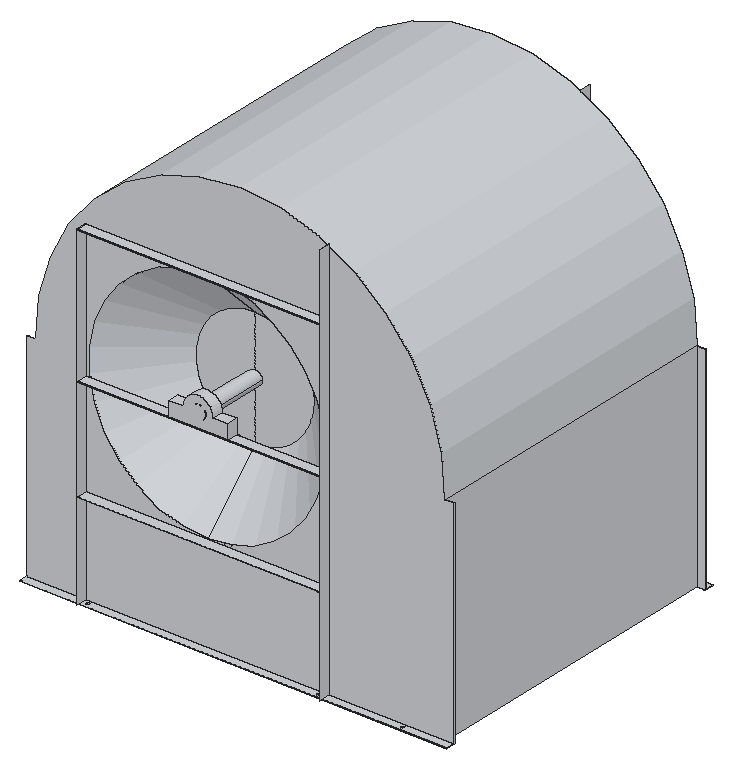
Revit family "CA_DWDI_CCW_DBD", category Mechanical Equipment, Revit 2019
Family settings
  Round Connector Dimension = Use Radius
  Part Type = Normal
  Work Plane-Based = No
  Always vertical = Yes
  Cut with Voids When Loaded = No
  Shared = No
  Room Calculation Point = No
Parameters (values of type "730 _CA-DWDI_CCW_DBD_CLASS_3")
  X/2 = X / 2  # 4' - 9 9/16"
  X = 9' - 7 1/8"
  W/2 = W / 2  # 0' - 0 17/32"
  W = 0' - 1 1/16"
  V = 2' - 4"
  Unit Weight [instance] = ""
  U = 3' - 2 1/2"
  T = 4' - 6 1/8"
  Sones [instance] = ""
  S = 9' - 0 1/4"
  R/2 = R / 2  # 0' - 2 15/32"
  R+R = R + R  # 0' - 9 7/8"
  R = 0' - 4 15/16"
  P-N-M = P - N - M  # 0' - 3 3/4"
  P-N = -(P - N)  # -9' - 6 1/2"
  P = 10' - 11 1/4"
  N = 1' - 4 3/4"
  Motor RPM [instance] = ""
  Motor Enclosure [instance] = ""
  ModelID [instance] = ""
  M/2 = M / 2  # 4' - 7 3/8"
  M = 9' - 2 3/4"
  LwA [instance] = ""
  L = M / 2  # 4' - 7 3/8"
  K = 0' - 3"
  J = 5' - 0 1/4"
  INLET/2 = INLET / 2  # 3' - 3 1/2"
  INLET = 6' - 7"
  H = 11' - 10 5/8"
  G/5*3 = INLET / 2  # 3' - 3 1/2"
  G/10*3 = INLET / 4  # 1' - 7 3/4"
  G-2.5" = G - R  # 5' - 7 1/16"
  G-(G/5*3) = G - (INLET / 2)  # 2' - 8 1/2"
  G+((G/5*3)+2") = G + ((INLET / 2) + 0' 1")  # 9' - 4 1/2"
  G = 6' - 0"
  Fan RPM [instance] = ""
  F-.125" = F - 0' 0 1/8"  # 11' - 2 3/4"
  F-((D-A)/2) = F - ((D - A) / 2)  # 11' - 0 21/32"
  F = 11' - 2 7/8"
  E/2 = E / 2  # 4' - 6 19/32"
  E = 9' - 1 3/16"
  DB_H = K  # 0' - 3"
  DB_G = H - J  # 6' - 10 3/8"
  DB_F = H  # 11' - 10 5/8"
  DB_E = G  # 6' - 0"
  DB_D = 11' - 9 5/16"
  D/2 = D / 2  # 3' - 4 1/8"
  D = 6' - 8 1/4"
  B/2 = B / 2  # 4' - 4 3/8"
  B+.25" = B + 0' 0 1/4"  # 8' - 9"
  B = 8' - 8 3/4"
  Accessories [instance] = ""
  A/2 = A / 2  # 3' - 1 29/32"
  A+.25"+DB_H = A + 0' 0 1/4" + DB_H  # 6' - 7 1/16"
  A+.25" = A + 0' 0 1/4"  # 6' - 4 1/16"
  A = 6' - 3 13/16"
  3" = 0' - 3"  # constant formula
  Brake Hp [instance] = ""
  4" = 0' - 4"  # constant formula
  2' = 2' - 0"
  2" = 0' - 2"  # constant formula
  1" = 0' - 1"  # constant formula
  0 = 0' - 0"  # constant formula
  Voltage [instance] = 0 V
  URL = "www.lorencook.com"
  Type Comments = "Airfoil Centrifugal Blower Counter-Clockwise Down Blast Arrangement 3 Class 3"
  Static Pressure [instance] = 0.00 in-wg
  Power [instance] = Voltage * Motor FLA * sqrt(if(Phase = 3, 3, 1))  # 0 VA
  Phase [instance] = 0
  Number of Poles [instance] = 1
  Motor Hp [instance] = "0"
  Motor FLA [instance] = 0 A
  Model = "CA DWDI"  # constant formula
  Manufacturer = "Loren Cook Company"
  CFM [instance] = 0 CFM
  1.5 = 0' - 1 1/2"  # constant formula
  ONE EIGTH = 0' - 0 1/8"  # constant formula
  -P = -P  # -10' - 11 1/4"
  -B/2 = -B / 2  # -4' - 4 3/8"
  -((B+.25")/2) = -((B + 0' 0 1/4") / 2)  # -4' - 4 1/2"
  (M-(B+.25"))/2 = (M - (B + 0' 0 1/4")) / 2  # 0' - 2 7/8"
  (G/5*3)+2" = (INLET / 2) + 0' 1"  # 3' - 4 1/2"
  (D-A-.25)/2 = (D - A - 0' 0 1/4") / 2  # 0' - 2 3/32"
  ((B+.25")/2) = ((B + 0' 0 1/4") / 2)  # 4' - 4 1/2"
Reference planes (in)
  plane 1 "Center (Front/Back)": y = 0
  plane 2: z = 0
  plane 3 "Center (Left/Right)": x = 0.40541
Forms (in)
  Extrusion 1, solid
    sketch origin (0, 0, 0) x (1, 0, 0) y (0, 0, 1)
      loop
        line (82.78041, 0) -> (82.78041, 72) -> (79.78041, 72)
        arc (79.78041, 72) -> (11.46791, 141.3125) -> (-56.84459, 72) r 68.31971
        line (-56.84459, 72) -> (-59.84459, 72) -> (-59.84459, 0) -> (82.78041, 0)
    from -52.5 <- "-((B+.25")/2)" to 52.5 <- "((B+.25")/2)"
  Revolve 2, void
    sketch origin (0.40541, 0, 0) x (0, 1, 0) y (0, 0, 1)
      loop
        line (52.5, 111.5) -> (32.75, 91.75) -> (32.75, 72) -> (52.5, 72) -> (52.5, 111.5)
      loop
        line (-52.5, 111.5) -> (-52.5, 72) -> (-32.75, 72) -> (-32.75, 91.75) -> (-52.5, 111.5)
      axis (52.5, 72) -> (-52.5, 72)
    angle from 0 to 360
  Extrusion 3, solid
    sketch origin (0, 0, 0) x (1, 0, 0) y (0, 1, 0)
      loop
        line (82.78041, 55.375) -> (-59.84459, 55.375) -> (-59.84459, 52.5) -> (82.78041, 52.5) -> (82.78041, 55.375)
      loop
        line (-59.84459, -55.375) -> (82.78041, -55.375) -> (82.78041, -52.5) -> (-59.84459, -52.5) -> (-59.84459, -55.375)
    from 0 to 0.125
  Extrusion 4, void
    sketch origin (0, 0, 0) x (1, 0, 0) y (0, 1, 0)
      loop
        circle (38.90541, 54.125) r 0.53125
      loop
        circle (-38.09459, 54.125) r 0.53125
      loop
        circle (-38.09459, -54.125) r 0.53125
      loop
        circle (38.90541, -54.125) r 0.53125
      loop
        circle (66.90541, 54.125) r 0.53125
      loop
        circle (66.90541, -54.125) r 0.53125
    from 0 to 0.125
  Extrusion 5, solid
    sketch origin (0, -52.5, 0) x (1, 0, 0) y (0, 0, 1)
      loop
        line (40.90541, 134.75) -> (40.90541, 0) -> (41.03041, 0) -> (41.03041, 134.75) -> (40.90541, 134.75)
      loop
        line (-40.09459, 0) -> (-40.09459, 112.5) -> (-40.21959, 112.5) -> (-40.21959, 0) -> (-40.09459, 0)
    from 0 to 3.75 <- "P-N-M"
  Extrusion 6, solid
    sketch origin (0, -52.5, 0) x (1, 0, 0) y (0, 0, 1)
      loop
        line (-40.09459, 32.5) -> (-40.09459, 32.375) -> (40.90541, 32.375) -> (40.90541, 32.5) -> (-40.09459, 32.5)
      loop
        line (40.90541, 67.0625) -> (-40.09459, 67.0625) -> (-40.09459, 66.9375) -> (40.90541, 66.9375) -> (40.90541, 67.0625)
      loop
        line (-40.09459, 112.5) -> (-40.09459, 112.375) -> (40.90541, 112.375) -> (40.90541, 112.5) -> (-40.09459, 112.5)
    from 0 to 3.75 <- "P-N-M"
  Extrusion 7, solid
    sketch origin (0, -52.5, 0) x (1, 0, 0) y (0, 0, 1)
      loop
        arc (5.34291, 72) -> (0.40542, 76.9375) -> (-4.53209, 72.00001) r 4.9375
        line (-4.53209, 72.00001) -> (-9.46959, 72) -> (-9.46959, 67.0625) -> (10.28041, 67.0625) -> (10.28041, 72) -> (5.34291, 72)
    from 0 to 3.75 <- "P-N-M"
  Extrusion 8, solid
    sketch origin (0, 52.5, 0) x (-1, 0, 0) y (0, 0, 1)
      loop
        line (-40.90541, 0.125) -> (-40.90541, 134.75) -> (-41.03041, 134.75) -> (-41.03041, 0.125) -> (-40.90541, 0.125)
      loop
        line (40.09459, 112.5) -> (40.09459, 0.125) -> (40.21959, 0.125) -> (40.21959, 112.5) -> (40.09459, 112.5)
    from 0 to 3.75 <- "P-N-M"
  Extrusion 9, solid
    sketch origin (0, 52.5, 0) x (-1, 0, 0) y (0, 0, 1)
      loop
        line (40.09459, 67.0625) -> (-40.90541, 67.0625) -> (-40.90541, 66.9375) -> (40.09459, 66.9375) -> (40.09459, 67.0625)
      loop
        line (-40.90541, 32.5) -> (-40.90541, 32.375) -> (40.09459, 32.375) -> (40.09459, 32.5) -> (-40.90541, 32.5)
      loop
        line (-40.90541, 112.5) -> (40.09459, 112.5) -> (40.09459, 112.625) -> (-40.90541, 112.625) -> (-40.90541, 112.5)
    from 0 to 3.75 <- "P-N-M"
  Extrusion 10, solid
    sketch origin (0, 52.5, 0) x (-1, 0, 0) y (0, 0, 1)
      loop
        arc (4.53209, 72) -> (-0.40541, 76.9375) -> (-5.34291, 72) r 4.9375
        line (-5.34291, 72) -> (-10.28041, 72) -> (-10.28041, 67.0625) -> (9.46959, 67.0625) -> (9.46959, 72) -> (4.53209, 72)
    from 0 to 3.75 <- "P-N-M"
  Extrusion 11, void
    sketch origin (0, 0, 0) x (1, 0, 0) y (0, 0, 1)
      loop
        line (3.71791, 0) -> (3.71791, 32.5)
        arc (3.71791, 32.5) -> (-33.02176, 42.34776) -> (-56.84459, 72) r 61.18897
        line (-56.84459, 72) -> (-59.84459, 72) -> (-59.84459, 0) -> (3.71791, 0)
      loop
        line (79.78041, 72) -> (79.78041, 0) -> (82.78041, 0) -> (82.78041, 72) -> (79.78041, 72)
    from 52.375 <- "B/2" to -52.375 <- "-B/2"
  Extrusion 12, void
    sketch origin (0, 0, 0) x (1, 0, 0) y (0, 1, 0)
      loop
        line (79.65541, 52.375) -> (3.84291, 52.375) -> (3.84291, -52.375) -> (79.65541, -52.375) -> (79.65541, 52.375)
    from 0 to 0.125
  Extrusion 13, solid
    sketch origin (0, -56.25, 0) x (1, 0, 0) y (0, 0, 1)
      loop
        circle (0.40541, 72) r 2.46875
    from 0 to -131.25 <- "-P"
Cuts and joins
  Revolve 2, Extrusion 4, Extrusion 11, Extrusion 12 cuts Extrusion 1
  Extrusion 4, Extrusion 11, Extrusion 12 cuts Extrusion 3
Dimensions and locks (in)
  "0": Extrusion 1 to Revolve 2 sketch curve
  "0": Revolve 2 sketch curve to Extrusion 1
  "G": level to Revolve 2 sketch curve
  "G": Revolve 2 sketch curve to level  (x2)
  "G/10*3": Revolve 2 sketch curve to Revolve 2 sketch curve  (x4)
  "0": cut or joined group of Extrusion 1, Revolve 2, Extrusion 4, Extrusion 11, Extrusion 12 to Extrusion 3 sketch curve  (x3)
  "0": Extrusion 3 sketch curve to cut or joined group of Extrusion 1, Revolve 2, Extrusion 4, Extrusion 11, Extrusion 12  (x3)
  "M/2": Extrusion 3 sketch curve to plane 1 "Center (Front/Back)"
  "M/2": plane 1 "Center (Front/Back)" to Extrusion 3 sketch curve
  "T": plane 1 "Center (Front/Back)" to Extrusion 4 sketch curve  (x3)
  "T": Extrusion 4 sketch curve to plane 1 "Center (Front/Back)"  (x3)
  "U": Extrusion 4 sketch curve to plane 3 "Center (Left/Right)"  (x2)
  "U": plane 3 "Center (Left/Right)" to Extrusion 4 sketch curve  (x2)
  "0": Extrusion 5 sketch curve to level  (x2)
  "ONE EIGTH": Extrusion 5 sketch curve to Extrusion 5 sketch curve  (x2)
  "(G/5*3)+2"": Extrusion 5 sketch curve to plane 3 "Center (Left/Right)"
  "(G/5*3)+2"": plane 3 "Center (Left/Right)" to Extrusion 5 sketch curve
  "G+((G/5*3)+2")": Extrusion 5 sketch curve to level
  "(G/5*3)+2"": Extrusion 6 sketch curve to plane 3 "Center (Left/Right)"  (x2)
  "(G/5*3)+2"": plane 3 "Center (Left/Right)" to Extrusion 6 sketch curve  (x2)
  "ONE EIGTH": Extrusion 6 sketch curve to Extrusion 6 sketch curve  (x3)
  "G-(G/5*3)": Extrusion 6 sketch curve to level
  "G-2.5"": Extrusion 6 sketch curve to level
  "R+R": plane 3 "Center (Left/Right)" to Extrusion 7 sketch curve
  "R+R": Extrusion 7 sketch curve to plane 3 "Center (Left/Right)"
  "0": Extrusion 7 sketch curve to plane 3 "Center (Left/Right)"
  "G": Extrusion 7 sketch curve to cut or joined group of Extrusion 3, Extrusion 4, Extrusion 11, Extrusion 12
  "0": Extrusion 7 sketch curve to Extrusion 7 sketch curve  (x2)
  "0": Extrusion 7 sketch curve to Extrusion 6
  "ONE EIGTH": level to Extrusion 8 sketch curve  (x2)
  "0": Extrusion 8 sketch curve to Extrusion 5
  "ONE EIGTH": Extrusion 8 sketch curve to Extrusion 8 sketch curve  (x2)
  "(G/5*3)+2"": Extrusion 8 sketch curve to plane 3 "Center (Left/Right)"
  "(G/5*3)+2"": plane 3 "Center (Left/Right)" to Extrusion 8 sketch curve
  "(G/5*3)+2"": Extrusion 9 sketch curve to plane 3 "Center (Left/Right)"  (x2)
  "(G/5*3)+2"": plane 3 "Center (Left/Right)" to Extrusion 9 sketch curve  (x2)
  "ONE EIGTH": Extrusion 9 sketch curve to Extrusion 9 sketch curve  (x3)
  "0": Extrusion 6 to Extrusion 9 sketch curve  (x2)
  "0": Extrusion 10 sketch curve to Extrusion 9
  "G": level to Extrusion 10 sketch curve  (x3)
  "R+R": plane 3 "Center (Left/Right)" to Extrusion 10 sketch curve
  "R+R": Extrusion 10 sketch curve to plane 3 "Center (Left/Right)"
  "0": Extrusion 10 sketch curve to plane 3 "Center (Left/Right)"
  "INLET/2": Revolve 2 sketch curve to Revolve 2 sketch curve  (x2)
  "F-.125"": Extrusion 5 sketch curve to level
  "DB_F": Extrusion 1 sketch curve to Extrusion 1 sketch curve
  "DB_E": Extrusion 1 sketch curve to level  (x2)
  "DB_H": Extrusion 1 sketch curve to Extrusion 1 sketch curve  (x2)
  "0": Extrusion 1 sketch curve to level
  "V": Extrusion 4 sketch curve to Extrusion 4 sketch curve  (x2)
  "G+((G/5*3)+2")": Extrusion 8 sketch curve to level
  "DB_D": Extrusion 1 sketch curve to level
  "DB_G": Extrusion 1 sketch curve to plane 3 "Center (Left/Right)"
  "G+((G/5*3)+2")": level to Extrusion 9 sketch curve
  "0": Extrusion 8 to Extrusion 9 sketch curve  (x2)
  "0": Extrusion 6 sketch curve to Extrusion 5  (x3)
  "0": Extrusion 11 sketch curve to plane 3 "Center (Left/Right)"
  "0": Extrusion 11 sketch curve to cut or joined group of Extrusion 3, Extrusion 4, Extrusion 11, Extrusion 12
  "0": Extrusion 11 sketch curve to cut or joined group of Extrusion 1, Revolve 2, Extrusion 4, Extrusion 11, Extrusion 12  (x2)
  "DB_H": Extrusion 11 sketch curve to Extrusion 11 sketch curve  (x2)
  "A+.25"+DB_H": cut or joined group of Extrusion 1, Revolve 2, Extrusion 4, Extrusion 11, Extrusion 12 to Extrusion 11 sketch curve
  "G-(G/5*3)": Extrusion 11 sketch curve to cut or joined group of Extrusion 3, Extrusion 4, Extrusion 11, Extrusion 12
  "0": cut or joined group of Extrusion 1, Revolve 2, Extrusion 4, Extrusion 11, Extrusion 12 to Extrusion 11 sketch curve  (x2)
  "0": Extrusion 11 sketch curve to level
  "ONE EIGTH": Extrusion 12 sketch curve to cut or joined group of Extrusion 1, Revolve 2, Extrusion 4, Extrusion 11, Extrusion 12
  "ONE EIGTH": cut or joined group of Extrusion 1, Revolve 2, Extrusion 4, Extrusion 11, Extrusion 12 to Extrusion 12 sketch curve  (x3)
  "DB_E": Extrusion 13 sketch curve to level
  "0": Extrusion 13 sketch curve to plane 3 "Center (Left/Right)"
  "W/2": radius of Extrusion 4 sketch curve  (x6)
  "R": radius of Extrusion 7 sketch curve
  "R": radius of Extrusion 10 sketch curve
  "R/2": radius of Extrusion 13 sketch curve
Automatic sketch dimensions
  Extrusion 7 sketch curve to Extrusion 7 sketch curve = 0' - 0"
  plane 1 "Center (Front/Back)" to Revolve 2 sketch curve = 0' - 3.84814"
  Revolve 2 sketch curve to Revolve 2 sketch curve = 0' - 0"
Connectors (in)
  hvac at (0.40541, 52.5, 72), driven by "INLET/2"
    settings: on cut or joined group of Extrusion 1, Revolve 2, Extrusion 4, Extrusion 11, Extrusion 12, index 5, duct flow 0 CFM, flow factor 0, pres drop 0.00 in-wg, loss coef 0, conn angle 0.00°, conn width 12", conn height 12", conn diameter 79", duct sys type 29, conn prof type 0, flow config 0, flow direction 1, loss method 0, conn ref index -1, conn util no, is conn primary yes, conn desc ""
  hvac at (0.40541, -52.5, 72), driven by "INLET/2"
    settings: on cut or joined group of Extrusion 1, Revolve 2, Extrusion 4, Extrusion 11, Extrusion 12, index 6, duct flow 0 CFM, flow factor 0, pres drop 0.00 in-wg, loss coef 0, conn angle 0.00°, conn width 12", conn height 12", conn diameter 79", duct sys type 29, conn prof type 0, flow config 0, flow direction 1, loss method 0, conn ref index -1, conn util no, is conn primary no, conn desc ""
  hvac at (41.74916, 0, 0), driven by "A", driven by "B"
    settings: on cut or joined group of Extrusion 1, Revolve 2, Extrusion 4, Extrusion 11, Extrusion 12, index 7, duct flow 0 CFM, flow factor 0, pres drop 0.00 in-wg, loss coef 0, conn angle 0.00°, conn width 104 3/4", conn height 75 13/16", conn diameter 24", duct sys type 29, conn prof type 1, flow config 0, flow direction 2, loss method 0, conn ref index -1, conn util no, is conn primary no, conn desc ""
Types (61): name | X/2 | X | W/2 | W | V | U | T | S | R/2 | R+R | R | P-N-M | P-N | P | N | M/2 | M | L | K | J | INLET/2 | INLET | H | G/5*3 | G/10*3 | G-2.5" | G-(G/5*3) | G+((G/5*3)+2") | G | F-.125" | F-((D-A)/2) | F | E/2 | E | DB_H | DB_G | DB_F | DB_E | DB_D | D/2 | D | B/2 | B+.25" | B | A/2 | A+.25"+DB_H | A+.25" | A | Type Comments | -P | -B/2 | -((B+.25")/2) | (M-(B+.25"))/2 | (G/5*3)+2" | (D-A-.25)/2 | ((B+.25")/2)
  (no name) | 4' - 9 9/16" | 9' - 7 1/8" | 0' - 0 17/32" | 0' - 1 1/16" | 2' - 4" | 3' - 2 1/2" | 4' - 6 1/8" | 9' - 0 1/4" | 0' - 2 15/32" | 0' - 9 7/8" | 0' - 4 15/16" | 0' - 3 3/4" | -9' - 6 1/2" | 10' - 11 1/4" | 1' - 4 3/4" | 4' - 7 3/8" | 9' - 2 3/4" | 4' - 7 3/8" | 0' - 3" | 5' - 0 1/4" | 3' - 3 1/2" | 6' - 7" | 11' - 10 5/8" | 3' - 3 1/2" | 1' - 7 3/4" | 5' - 7 1/16" | 2' - 8 1/2" | 9' - 4 1/2" | 6' - 0" | 11' - 2 3/4" | 11' - 0 21/32" | 11' - 2 7/8" | 4' - 6 19/32" | 9' - 1 3/16" | 0' - 3" | 6' - 10 3/8" | 11' - 10 5/8" | 6' - 0" | 11' - 9 5/16" | 3' - 4 1/8" | 6' - 8 1/4" | 4' - 4 3/8" | 8' - 9" | 8' - 8 3/4" | 3' - 1 29/32" | 6' - 7 1/16" | 6' - 4 1/16" | 6' - 3 13/16" | "Airfoil Centrifugal Blower Counter-Clockwise Down Blast Arrangement 3 Class 3" | -10' - 11 1/4" | -4' - 4 3/8" | -4' - 4 1/2" | 0' - 2 7/8" | 3' - 4 1/2" | 0' - 2 3/32" | 4' - 4 1/2"
  120_CA-DWDI_CCW_DBD_CLASS_1 | 0' - 10 31/32" | 1' - 9 15/16" | 0' - 0 11/32" | 0' - 0 11/16" | 1' - 6" | 0' - 7 1/2" | 0' - 9 31/32" | 1' - 7 15/16" | 0' - 0 23/32" | 0' - 2 7/8" | 0' - 1 7/16" | 0' - 1 1/4" | -1' - 10 15/16" | 2' - 4 11/16" | 0' - 5 3/4" | 0' - 10 27/32" | 1' - 9 11/16" | 0' - 10 27/32" | 0' - 2" | 0' - 10 11/16" | 0' - 8 1/16" | 1' - 4 1/8" | 2' - 1 3/4" | 0' - 8 1/16" | 0' - 4 1/32" | 0' - 11 9/16" | 0' - 4 15/16" | 1' - 10 1/16" | 1' - 1" | 1' - 11 1/4" | 1' - 9 11/16" | 1' - 11 3/8" | 0' - 10 17/32" | 1' - 9 1/16" | 0' - 2" | 1' - 3 1/16" | 2' - 1 3/4" | 1' - 1" | 2' - 0 3/8" | 0' - 7 3/4" | 1' - 3 1/2" | 0' - 8 27/32" | 1' - 5 15/16" | 1' - 5 11/16" | 0' - 6 1/16" | 1' - 2 3/8" | 1' - 0 3/8" | 1' - 0 1/8" | "Airfoil Centrifugal Blower Counter-Clockwise Down Blast Arrangement 3 Class 1" | -2' - 4 11/16" | -0' - 8 27/32" | -0' - 8 31/32" | 0' - 1 7/8" | 0' - 9 1/16" | 0' - 1 9/16" | 0' - 8 31/32"
  135_CA-DWDI_CCW_DBD_CLASS_1 | 1' - 0 3/32" | 2' - 0 3/16" | 0' - 0 11/32" | 0' - 0 11/16" | 1' - 6" | 0' - 8 1/2" | 0' - 11 3/32" | 1' - 10 3/16" | 0' - 0 23/32" | 0' - 2 7/8" | 0' - 1 7/16" | 0' - 1 1/4" | -2' - 1 3/16" | 2' - 6 15/16" | 0' - 5 3/4" | 0' - 11 31/32" | 1' - 11 15/16" | 0' - 11 31/32" | 0' - 2" | 1' - 0 1/16" | 0' - 8 13/16" | 1' - 5 5/8" | 2' - 4 3/4" | 0' - 8 13/16" | 0' - 4 13/32" | 1' - 0 9/16" | 0' - 5 3/16" | 1' - 11 13/16" | 1' - 2" | 2' - 1 1/2" | 1' - 11 15/16" | 2' - 1 5/8" | 0' - 11 21/32" | 1' - 11 5/16" | 0' - 2" | 1' - 4 11/16" | 2' - 4 3/4" | 1' - 2" | 2' - 1 9/16" | 0' - 8 1/2" | 1' - 5" | 0' - 9 31/32" | 1' - 8 3/16" | 1' - 7 15/16" | 0' - 6 13/16" | 1' - 3 7/8" | 1' - 1 7/8" | 1' - 1 5/8" | "Airfoil Centrifugal Blower Counter-Clockwise Down Blast Arrangement 3 Class 1" | -2' - 6 15/16" | -0' - 9 31/32" | -0' - 10 3/32" | 0' - 1 7/8" | 0' - 9 13/16" | 0' - 1 9/16" | 0' - 10 3/32"
  150_CA-DWDI_CCW_DBD_CLASS_1 | 1' - 1 1/8" | 2' - 2 1/4" | 0' - 0 11/32" | 0' - 0 11/16" | 1' - 6" | 0' - 9" | 1' - 0 1/8" | 2' - 0 1/4" | 0' - 0 27/32" | 0' - 3 3/8" | 0' - 1 11/16" | 0' - 1 5/8" | -2' - 3 5/8" | 2' - 10 1/4" | 0' - 6 5/8" | 1' - 1" | 2' - 2" | 1' - 1" | 0' - 2" | 1' - 1 5/16" | 0' - 9 9/16" | 1' - 7 1/8" | 2' - 7 5/8" | 0' - 9 9/16" | 0' - 4 25/32" | 1' - 1 5/16" | 0' - 5 7/16" | 2' - 1 9/16" | 1' - 3" | 2' - 3 13/16" | 2' - 2 1/4" | 2' - 3 15/16" | 1' - 0 11/16" | 2' - 1 3/8" | 0' - 2" | 1' - 6 5/16" | 2' - 7 5/8" | 1' - 3" | 2' - 5 1/4" | 0' - 9 5/16" | 1' - 6 5/8" | 0' - 11" | 1' - 10 1/4" | 1' - 10" | 0' - 7 5/8" | 1' - 5 1/2" | 1' - 3 1/2" | 1' - 3 1/4" | "Airfoil Centrifugal Blower Counter-Clockwise Down Blast Arrangement 3 Class 1" | -2' - 10 1/4" | -0' - 11" | -0' - 11 1/8" | 0' - 1 7/8" | 0' - 10 9/16" | 0' - 1 9/16" | 0' - 11 1/8"
  165_CA-DWDI_CCW_DBD_CLASS_1 | 1' - 2 1/8" | 2' - 4 1/4" | 0' - 0 11/32" | 0' - 0 11/16" | 1' - 6" | 0' - 10" | 1' - 1 1/8" | 2' - 2 1/4" | 0' - 0 27/32" | 0' - 3 3/8" | 0' - 1 11/16" | 0' - 1 5/8" | -2' - 5 5/8" | 3' - 0 1/4" | 0' - 6 5/8" | 1' - 2" | 2' - 4" | 1' - 2" | 0' - 2" | 1' - 2 7/16" | 0' - 10 19/32" | 1' - 9 3/16" | 2' - 10 3/8" | 0' - 10 19/32" | 0' - 5 19/64" | 1' - 3 5/16" | 0' - 6 13/32" | 2' - 4 19/32" | 1' - 5" | 2' - 7 1/8" | 2' - 5 9/16" | 2' - 7 1/4" | 1' - 1 11/16" | 2' - 3 3/8" | 0' - 2" | 1' - 7 15/16" | 2' - 10 3/8" | 1' - 5" | 2' - 8 5/8" | 0' - 10 5/32" | 1' - 8 5/16" | 1' - 0" | 2' - 0 1/4" | 2' - 0" | 0' - 8 15/32" | 1' - 7 3/16" | 1' - 5 3/16" | 1' - 4 15/16" | "Airfoil Centrifugal Blower Counter-Clockwise Down Blast Arrangement 3 Class 1" | -3' - 0 1/4" | -1' - 0" | -1' - 0 1/8" | 0' - 1 7/8" | 0' - 11 19/32" | 0' - 1 9/16" | 1' - 0 1/8"
  180_CA-DWDI_CCW_DBD_CLASS_1 | 1' - 3 5/32" | 2' - 6 5/16" | 0' - 0 11/32" | 0' - 0 11/16" | 1' - 6" | 0' - 11" | 1' - 2 5/32" | 2' - 4 5/16" | 0' - 0 27/32" | 0' - 3 3/8" | 0' - 1 11/16" | 0' - 1 5/8" | -2' - 7 11/16" | 3' - 2 13/16" | 0' - 7 1/8" | 1' - 3 1/32" | 2' - 6 1/16" | 1' - 3 1/32" | 0' - 2" | 1' - 3 9/16" | 0' - 11 11/32" | 1' - 10 11/16" | 3' - 1 1/8" | 0' - 11 11/32" | 0' - 5 43/64" | 1' - 4 5/16" | 0' - 6 21/32" | 2' - 6 11/32" | 1' - 6" | 2' - 9 3/8" | 2' - 7 13/16" | 2' - 9 1/2" | 1' - 2 23/32" | 2' - 5 7/16" | 0' - 2" | 1' - 9 9/16" | 3' - 1 1/8" | 1' - 6" | 2' - 11 1/8" | 0' - 10 15/16" | 1' - 9 7/8" | 1' - 1 1/32" | 2' - 2 5/16" | 2' - 2 1/16" | 0' - 9 1/4" | 1' - 8 3/4" | 1' - 6 3/4" | 1' - 6 1/2" | "Airfoil Centrifugal Blower Counter-Clockwise Down Blast Arrangement 3 Class 1" | -3' - 2 13/16" | -1' - 1 1/32" | -1' - 1 5/32" | 0' - 1 7/8" | 1' - 0 11/32" | 0' - 1 9/16" | 1' - 1 5/32"
  195_CA-DWDI_CCW_DBD_CLASS_1 | 1' - 4 11/32" | 2' - 8 11/16" | 0' - 0 11/32" | 0' - 0 11/16" | 0' - 6" | 0' - 11 1/2" | 1' - 3 11/32" | 2' - 6 11/16" | 0' - 0 31/32" | 0' - 3 7/8" | 0' - 1 15/16" | 0' - 2" | -2' - 10 7/16" | 3' - 5 11/16" | 0' - 7 1/4" | 1' - 4 7/32" | 2' - 8 7/16" | 1' - 4 7/32" | 0' - 2" | 1' - 4 13/16" | 1' - 0 3/32" | 2' - 0 3/16" | 3' - 4" | 1' - 0 3/32" | 0' - 6 3/64" | 1' - 6 1/16" | 0' - 7 29/32" | 2' - 9 3/32" | 1' - 8" | 3' - 0 11/16" | 2' - 11 1/8" | 3' - 0 13/16" | 1' - 3 29/32" | 2' - 7 13/16" | 0' - 2" | 1' - 11 3/16" | 3' - 4" | 1' - 8" | 3' - 2 1/2" | 0' - 11 7/16" | 1' - 10 7/8" | 1' - 2 7/32" | 2' - 4 11/16" | 2' - 4 7/16" | 0' - 9 3/4" | 1' - 9 3/4" | 1' - 7 3/4" | 1' - 7 1/2" | "Airfoil Centrifugal Blower Counter-Clockwise Down Blast Arrangement 3 Class 1" | -3' - 5 11/16" | -1' - 2 7/32" | -1' - 2 11/32" | 0' - 1 7/8" | 1' - 1 3/32" | 0' - 1 9/16" | 1' - 2 11/32"
  210_CA-DWDI_CCW_DBD_CLASS_1 | 1' - 5 5/16" | 2' - 10 5/8" | 0' - 0 13/32" | 0' - 0 13/16" | 0' - 7" | 1' - 0" | 1' - 4 5/16" | 2' - 8 5/8" | 0' - 0 31/32" | 0' - 3 7/8" | 0' - 1 15/16" | 0' - 1 7/8" | -3' - 0 1/4" | 3' - 8 1/8" | 0' - 7 7/8" | 1' - 5 3/16" | 2' - 10 3/8" | 1' - 5 3/16" | 0' - 2" | 1' - 6" | 1' - 0 31/32" | 2' - 1 15/16" | 3' - 6 7/8" | 1' - 0 31/32" | 0' - 6 31/64" | 1' - 7 1/16" | 0' - 8 1/32" | 2' - 10 31/32" | 1' - 9" | 3' - 3" | 3' - 1 7/16" | 3' - 3 1/8" | 1' - 4 7/8" | 2' - 9 3/4" | 0' - 2" | 2' - 0 7/8" | 3' - 6 7/8" | 1' - 9" | 3' - 4 15/16" | 1' - 0 1/2" | 2' - 1" | 1' - 3 3/16" | 2' - 6 5/8" | 2' - 6 3/8" | 0' - 10 13/16" | 1' - 11 7/8" | 1' - 9 7/8" | 1' - 9 5/8" | "Airfoil Centrifugal Blower Counter-Clockwise Down Blast Arrangement 3 Class 1" | -3' - 8 1/8" | -1' - 3 3/16" | -1' - 3 5/16" | 0' - 1 7/8" | 1' - 1 31/32" | 0' - 1 9/16" | 1' - 3 5/16"
  225_CA-DWDI_CCW_DBD_CLASS_1 | 1' - 6 3/8" | 3' - 0 3/4" | 0' - 0 13/32" | 0' - 0 13/16" | 0' - 7 1/2" | 1' - 0 1/2" | 1' - 5 3/8" | 2' - 10 3/4" | 0' - 0 31/32" | 0' - 3 7/8" | 0' - 1 15/16" | 0' - 3 7/8" | -3' - 4 3/8" | 4' - 0 1/4" | 0' - 7 7/8" | 1' - 6 1/4" | 3' - 0 1/2" | 1' - 6 1/4" | 0' - 2" | 1' - 7 1/4" | 1' - 1 23/32" | 2' - 3 7/16" | 3' - 9 3/4" | 1' - 1 23/32" | 0' - 6 55/64" | 1' - 9 1/16" | 0' - 9 9/32" | 3' - 1 23/32" | 1' - 11" | 3' - 6 1/4" | 3' - 4 11/16" | 3' - 6 3/8" | 1' - 5 15/16" | 2' - 11 7/8" | 0' - 2" | 2' - 2 1/2" | 3' - 9 3/4" | 1' - 11" | 3' - 8 3/8" | 1' - 1 9/32" | 2' - 2 9/16" | 1' - 4 1/4" | 2' - 8 3/4" | 2' - 8 1/2" | 0' - 11 19/32" | 2' - 1 7/16" | 1' - 11 7/16" | 1' - 11 3/16" | "Airfoil Centrifugal Blower Counter-Clockwise Down Blast Arrangement 3 Class 1" | -4' - 0 1/4" | -1' - 4 1/4" | -1' - 4 3/8" | 0' - 1 7/8" | 1' - 2 23/32" | 0' - 1 9/16" | 1' - 4 3/8"
  245_CA-DWDI_CCW_DBD_CLASS_1 | 1' - 8 21/32" | 3' - 5 5/16" | 0' - 0 13/32" | 0' - 0 13/16" | 0' - 8" | 1' - 1 1/2" | 1' - 6 21/32" | 3' - 1 5/16" | 0' - 1 3/32" | 0' - 4 3/8" | 0' - 2 3/16" | 0' - 2 1/8" | -3' - 5 3/16" | 4' - 1 13/16" | 0' - 8 5/8" | 1' - 7 17/32" | 3' - 3 1/16" | 1' - 7 17/32" | 0' - 2" | 1' - 8 7/8" | 1' - 2 23/32" | 2' - 5 7/16" | 4' - 1 1/2" | 1' - 2 23/32" | 0' - 7 23/64" | 1' - 10 13/16" | 0' - 10 9/32" | 3' - 4 23/32" | 2' - 1" | 3' - 10" | 3' - 8 7/16" | 3' - 10 1/8" | 1' - 7 7/32" | 3' - 2 7/16" | 0' - 2" | 2' - 4 5/8" | 4' - 1 1/2" | 2' - 1" | 4' - 0 1/4" | 1' - 2 7/16" | 2' - 4 7/8" | 1' - 5 17/32" | 2' - 11 5/16" | 2' - 11 1/16" | 1' - 0 3/4" | 2' - 3 3/4" | 2' - 1 3/4" | 2' - 1 1/2" | "Airfoil Centrifugal Blower Counter-Clockwise Down Blast Arrangement 3 Class 1" | -4' - 1 13/16" | -1' - 5 17/32" | -1' - 5 21/32" | 0' - 1 7/8" | 1' - 3 23/32" | 0' - 1 9/16" | 1' - 5 21/32"
  270_CA-DWDI_CCW_DBD_CLASS_1 | 1' - 10 27/32" | 3' - 9 11/16" | 0' - 0 13/32" | 0' - 0 13/16" | 0' - 9" | 1' - 3" | 1' - 8 27/32" | 3' - 5 11/16" | 0' - 1 3/32" | 0' - 4 3/8" | 0' - 2 3/16" | 0' - 2 1/8" | -3' - 9 9/16" | 4' - 6 3/16" | 0' - 8 5/8" | 1' - 9 23/32" | 3' - 7 7/16" | 1' - 9 23/32" | 0' - 2" | 1' - 11 3/8" | 1' - 3 31/32" | 2' - 7 15/16" | 4' - 6 3/4" | 1' - 3 31/32" | 0' - 7 63/64" | 2' - 0 13/16" | 0' - 11 1/32" | 3' - 7 31/32" | 2' - 3" | 4' - 2 1/8" | 4' - 0 9/16" | 4' - 2 1/4" | 1' - 9 13/32" | 3' - 6 13/16" | 0' - 2" | 2' - 7 3/8" | 4' - 6 3/4" | 2' - 3" | 4' - 2 1/8" | 1' - 3 7/16" | 2' - 6 7/8" | 1' - 7 23/32" | 3' - 3 11/16" | 3' - 3 7/16" | 1' - 1 3/4" | 2' - 5 3/4" | 2' - 3 3/4" | 2' - 3 1/2" | "Airfoil Centrifugal Blower Counter-Clockwise Down Blast Arrangement 3 Class 1" | -4' - 6 3/16" | -1' - 7 23/32" | -1' - 7 27/32" | 0' - 1 7/8" | 1' - 4 31/32" | 0' - 1 9/16" | 1' - 7 27/32"
  300_CA-DWDI_CCW_DBD_CLASS_1 | 2' - 0 5/8" | 4' - 1 1/4" | 0' - 0 13/32" | 0' - 0 13/16" | 0' - 10" | 1' - 4 1/2" | 1' - 10 5/8" | 3' - 9 1/4" | 0' - 1 7/32" | 0' - 4 7/8" | 0' - 2 7/16" | 0' - 2 1/4" | -4' - 1 1/4" | 4' - 10 1/2" | 0' - 9 1/4" | 1' - 11 1/2" | 3' - 11" | 1' - 11 1/2" | 0' - 2" | 2' - 1 3/8" | 1' - 5 15/32" | 2' - 10 15/16" | 5' - 0" | 1' - 5 15/32" | 0' - 8 47/64" | 2' - 3 9/16" | 1' - 0 17/32" | 4' - 0 15/32" | 2' - 6" | 4' - 7 3/4" | 4' - 6 5/32" | 4' - 7 7/8" | 1' - 11 7/32" | 3' - 10 7/16" | 0' - 2" | 2' - 10 5/8" | 5' - 0" | 2' - 6" | 4' - 10 1/2" | 1' - 5 5/16" | 2' - 10 5/8" | 1' - 9 1/2" | 3' - 7 1/4" | 3' - 7" | 1' - 3 19/32" | 2' - 9 7/16" | 2' - 7 7/16" | 2' - 7 3/16" | "Airfoil Centrifugal Blower Counter-Clockwise Down Blast Arrangement 3 Class 1" | -4' - 10 1/2" | -1' - 9 1/2" | -1' - 9 5/8" | 0' - 1 7/8" | 1' - 6 15/32" | 0' - 1 19/32" | 1' - 9 5/8"
  330_CA-DWDI_CCW_DBD_CLASS_1 | 2' - 2 23/32" | 4' - 5 7/16" | 0' - 0 13/32" | 0' - 0 13/16" | 1' - 0" | 1' - 6" | 2' - 0 21/32" | 4' - 1 5/16" | 0' - 1 11/32" | 0' - 5 3/8" | 0' - 2 11/16" | 0' - 2 7/16" | -4' - 5 1/2" | 5' - 3 9/16" | 0' - 10 1/16" | 2' - 1 17/32" | 4' - 3 1/16" | 2' - 1 17/32" | 0' - 2" | 2' - 3 7/8" | 1' - 6 31/32" | 3' - 1 15/16" | 5' - 5 3/4" | 1' - 6 31/32" | 0' - 9 31/64" | 2' - 6 5/16" | 1' - 2 1/32" | 4' - 4 31/32" | 2' - 9" | 5' - 1 1/4" | 4' - 11 5/32" | 5' - 1 3/8" | 2' - 1 3/4" | 4' - 3 1/2" | 0' - 2" | 3' - 1 7/8" | 5' - 5 3/4" | 2' - 9" | 5' - 4 3/8" | 1' - 7 15/32" | 3' - 2 15/16" | 1' - 11 17/32" | 3' - 11 5/16" | 3' - 11 1/16" | 1' - 5 1/4" | 3' - 0 3/4" | 2' - 10 3/4" | 2' - 10 1/2" | "Airfoil Centrifugal Blower Counter-Clockwise Down Blast Arrangement 3 Class 1" | -5' - 3 9/16" | -1' - 11 17/32" | -1' - 11 21/32" | 0' - 1 7/8" | 1' - 7 31/32" | 0' - 2 3/32" | 1' - 11 21/32"
  365_CA-DWDI_CCW_DBD_CLASS_1 | 2' - 5 9/32" | 4' - 10 9/16" | 0' - 0 13/32" | 0' - 0 13/16" | 1' - 1" | 1' - 8" | 2' - 3 7/32" | 4' - 6 7/16" | 0' - 1 3/32" | 0' - 4 3/8" | 0' - 2 3/16" | 0' - 2 13/16" | -4' - 11" | 5' - 9 5/16" | 0' - 10 5/16" | 2' - 4 3/32" | 4' - 8 3/16" | 2' - 4 3/32" | 0' - 2" | 2' - 6 5/8" | 1' - 8 23/32" | 3' - 5 7/16" | 6' - 0 3/8" | 1' - 8 23/32" | 0' - 10 23/64" | 2' - 9 13/16" | 1' - 3 9/32" | 4' - 9 23/32" | 3' - 0" | 5' - 7 5/16" | 5' - 5 7/32" | 5' - 7 7/16" | 2' - 4 5/16" | 4' - 8 5/8" | 0' - 2" | 3' - 5 3/4" | 6' - 0 3/8" | 3' - 0" | 5' - 10 5/8" | 1' - 9 9/16" | 3' - 7 1/8" | 2' - 2 3/32" | 4' - 4 7/16" | 4' - 4 3/16" | 1' - 7 11/32" | 3' - 4 15/16" | 3' - 2 15/16" | 3' - 2 11/16" | "Airfoil Centrifugal Blower Counter-Clockwise Down Blast Arrangement 3 Class 1" | -5' - 9 5/16" | -2' - 2 3/32" | -2' - 2 7/32" | 0' - 1 7/8" | 1' - 9 23/32" | 0' - 2 3/32" | 2' - 2 7/32"
  402_CA-DWDI_CCW_DBD_CLASS_1 | 2' - 8 19/32" | 5' - 5 3/16" | 0' - 0 17/32" | 0' - 1 1/16" | 1' - 2" | 1' - 10" | 2' - 6 21/32" | 5' - 1 5/16" | 0' - 1 7/32" | 0' - 4 7/8" | 0' - 2 7/16" | 0' - 1 7/8" | -5' - 5 11/16" | 6' - 3 11/16" | 0' - 10" | 2' - 7 29/32" | 5' - 3 13/16" | 2' - 7 29/32" | 0' - 3" | 2' - 9 5/8" | 1' - 10 19/32" | 3' - 9 3/16" | 6' - 8 3/8" | 1' - 10 19/32" | 0' - 11 19/64" | 3' - 1 9/16" | 1' - 5 13/32" | 5' - 3 19/32" | 3' - 4" | 6' - 2 9/16" | 6' - 0 15/32" | 6' - 2 11/16" | 2' - 7 1/8" | 5' - 2 1/4" | 0' - 3" | 3' - 10 3/4" | 6' - 8 3/8" | 3' - 4" | 6' - 6 1/4" | 1' - 11 3/32" | 3' - 10 3/16" | 2' - 4 29/32" | 4' - 10 1/16" | 4' - 9 13/16" | 1' - 8 7/8" | 3' - 9" | 3' - 6" | 3' - 5 3/4" | "Airfoil Centrifugal Blower Counter-Clockwise Down Blast Arrangement 3 Class 1" | -6' - 3 11/16" | -2' - 4 29/32" | -2' - 5 1/32" | 0' - 2 7/8" | 1' - 11 19/32" | 0' - 2 3/32" | 2' - 5 1/32"
  445_CA-DWDI_CCW_DBD_CLASS_1 | 2' - 11 13/16" | 5' - 11 5/8" | 0' - 0 17/32" | 0' - 1 1/16" | 1' - 4" | 2' - 0" | 2' - 9 7/8" | 5' - 7 3/4" | 0' - 1 7/32" | 0' - 4 7/8" | 0' - 2 7/16" | 0' - 1 3/4" | -6' - 0" | 6' - 10 5/8" | 0' - 10 5/8" | 2' - 11 1/8" | 5' - 10 1/4" | 2' - 11 1/8" | 0' - 3" | 3' - 1 1/8" | 2' - 0 23/32" | 4' - 1 7/16" | 7' - 4 1/2" | 2' - 0 23/32" | 1' - 0 23/64" | 3' - 5 9/16" | 1' - 7 9/32" | 5' - 9 23/32" | 3' - 8" | 6' - 10 3/16" | 6' - 8 3/32" | 6' - 10 5/16" | 2' - 10 11/32" | 5' - 8 11/16" | 0' - 3" | 4' - 3 3/8" | 7' - 4 1/2" | 3' - 8" | 7' - 2 1/4" | 2' - 1 3/16" | 4' - 2 3/8" | 2' - 8 1/8" | 5' - 4 1/2" | 5' - 4 1/4" | 1' - 10 31/32" | 4' - 1 3/16" | 3' - 10 3/16" | 3' - 9 15/16" | "Airfoil Centrifugal Blower Counter-Clockwise Down Blast Arrangement 3 Class 1" | -6' - 10 5/8" | -2' - 8 1/8" | -2' - 8 1/4" | 0' - 2 7/8" | 2' - 1 23/32" | 0' - 2 3/32" | 2' - 8 1/4"
  490_CA-DWDI_CCW_DBD_CLASS_1 | 3' - 2 3/4" | 6' - 5 1/2" | 0' - 0 17/32" | 0' - 1 1/16" | 1' - 6" | 2' - 2 1/2" | 3' - 0 13/16" | 6' - 1 5/8" | 0' - 1 15/32" | 0' - 5 7/8" | 0' - 2 15/16" | 0' - 1 7/8" | -6' - 6" | 7' - 5 1/2" | 0' - 11 1/2" | 3' - 2 1/16" | 6' - 4 1/8" | 3' - 2 1/16" | 0' - 3" | 3' - 4 3/4" | 2' - 3 1/2" | 4' - 7" | 8' - 1" | 2' - 3 1/2" | 1' - 1 3/4" | 3' - 9 1/16" | 1' - 8 1/2" | 6' - 4 1/2" | 4' - 0" | 7' - 6 1/16" | 7' - 3 31/32" | 7' - 6 3/16" | 3' - 1 9/32" | 6' - 2 9/16" | 0' - 3" | 4' - 8 1/4" | 8' - 1" | 4' - 0" | 7' - 10 1/2" | 2' - 3 23/32" | 4' - 7 7/16" | 2' - 11 1/16" | 5' - 10 3/8" | 5' - 10 1/8" | 2' - 1 1/2" | 4' - 6 1/4" | 4' - 3 1/4" | 4' - 3" | "Airfoil Centrifugal Blower Counter-Clockwise Down Blast Arrangement 3 Class 1" | -7' - 5 1/2" | -2' - 11 1/16" | -2' - 11 3/16" | 0' - 2 7/8" | 2' - 4 1/2" | 0' - 2 3/32" | 2' - 11 3/16"
  540_CA-DWDI_CCW_DBD_CLASS_1 | 3' - 8 5/32" | 7' - 4 5/16" | 0' - 0 17/32" | 0' - 1 1/16" | 1' - 8" | 2' - 5" | 3' - 4 23/32" | 6' - 9 7/16" | 0' - 1 23/32" | 0' - 6 7/8" | 0' - 3 7/16" | 0' - 1 15/16" | -7' - 1 7/8" | 8' - 2 5/16" | 1' - 0 7/16" | 3' - 5 31/32" | 6' - 11 15/16" | 3' - 5 31/32" | 0' - 3" | 3' - 8 7/8" | 2' - 6" | 5' - 0" | 8' - 10 5/8" | 2' - 6" | 1' - 3" | 4' - 1 9/16" | 1' - 11" | 7' - 0" | 4' - 5" | 8' - 3 3/8" | 8' - 1 9/32" | 8' - 3 1/2" | 3' - 5 3/16" | 6' - 10 3/8" | 0' - 3" | 5' - 1 3/4" | 8' - 10 5/8" | 4' - 5" | 8' - 8 1/4" | 2' - 6 3/32" | 5' - 0 3/16" | 3' - 2 31/32" | 6' - 6 3/16" | 6' - 5 15/16" | 2' - 3 7/8" | 4' - 11" | 4' - 8" | 4' - 7 3/4" | "Airfoil Centrifugal Blower Counter-Clockwise Down Blast Arrangement 3 Class 1" | -8' - 2 5/16" | -3' - 2 31/32" | -3' - 3 3/32" | 0' - 2 7/8" | 2' - 7" | 0' - 2 3/32" | 3' - 3 3/32"
  600_CA-DWDI_CCW_DBD_CLASS_1 | 4' - 0 5/16" | 8' - 0 5/8" | 0' - 0 17/32" | 0' - 1 1/16" | 1' - 10" | 2' - 8" | 3' - 8 7/8" | 7' - 5 3/4" | 0' - 1 23/32" | 0' - 6 7/8" | 0' - 3 7/16" | 0' - 2 1/4" | -7' - 10 1/2" | 8' - 11 1/2" | 1' - 1" | 3' - 10 1/8" | 7' - 8 1/4" | 3' - 10 1/8" | 0' - 3" | 4' - 1 3/4" | 2' - 9" | 5' - 6" | 9' - 10" | 2' - 9" | 1' - 4 1/2" | 4' - 7 9/16" | 2' - 2" | 7' - 9" | 4' - 11" | 9' - 2 9/16" | 9' - 0 15/32" | 9' - 2 11/16" | 3' - 9 11/32" | 7' - 6 11/16" | 0' - 3" | 5' - 8 1/4" | 9' - 10" | 4' - 11" | 9' - 8" | 2' - 9 5/16" | 5' - 6 5/8" | 3' - 7 1/8" | 7' - 2 1/2" | 7' - 2 1/4" | 2' - 7 3/32" | 5' - 5 7/16" | 5' - 2 7/16" | 5' - 2 3/16" | "Airfoil Centrifugal Blower Counter-Clockwise Down Blast Arrangement 3 Class 1" | -8' - 11 1/2" | -3' - 7 1/8" | -3' - 7 1/4" | 0' - 2 7/8" | 2' - 10" | 0' - 2 3/32" | 3' - 7 1/4"
  660_CA-DWDI_CCW_DBD_CLASS_1 | 4' - 4 5/8" | 8' - 9 1/4" | 0' - 0 17/32" | 0' - 1 1/16" | 2' - 1" | 2' - 11" | 4' - 1 3/16" | 8' - 2 3/8" | 0' - 1 31/32" | 0' - 7 7/8" | 0' - 3 15/16" | 0' - 2 3/16" | -8' - 7 1/16" | 9' - 9 7/8" | 1' - 2 13/16" | 4' - 2 7/16" | 8' - 4 7/8" | 4' - 2 7/16" | 0' - 3" | 4' - 6 5/8" | 3' - 0" | 6' - 0" | 10' - 9 3/8" | 3' - 0" | 1' - 6" | 5' - 1 1/16" | 2' - 5" | 8' - 6" | 5' - 5" | 10' - 1 3/4" | 9' - 11 21/32" | 10' - 1 7/8" | 4' - 1 21/32" | 8' - 3 5/16" | 0' - 3" | 6' - 2 3/4" | 10' - 9 3/8" | 5' - 5" | 10' - 1 5/8" | 3' - 0 7/16" | 6' - 0 7/8" | 3' - 11 7/16" | 7' - 11 1/8" | 7' - 10 7/8" | 2' - 10 7/32" | 5' - 11 11/16" | 5' - 8 11/16" | 5' - 8 7/16" | "Airfoil Centrifugal Blower Counter-Clockwise Down Blast Arrangement 3 Class 1" | -9' - 9 7/8" | -3' - 11 7/16" | -3' - 11 9/16" | 0' - 2 7/8" | 3' - 1" | 0' - 2 3/32" | 3' - 11 9/16"
  730 _CA-DWDI_CCW_DBD_CLASS_1 | 4' - 9 9/16" | 9' - 7 1/8" | 0' - 0 17/32" | 0' - 1 1/16" | 2' - 4" | 3' - 2 1/2" | 4' - 6 1/8" | 9' - 0 1/4" | 0' - 2 7/32" | 0' - 8 7/8" | 0' - 4 7/16" | 0' - 2 3/16" | -9' - 4 15/16" | 10' - 9 1/4" | 1' - 4 5/16" | 4' - 7 3/8" | 9' - 2 3/4" | 4' - 7 3/8" | 0' - 3" | 5' - 0 1/4" | 3' - 3 1/2" | 6' - 7" | 11' - 10 5/8" | 3' - 3 1/2" | 1' - 7 3/4" | 5' - 7 9/16" | 2' - 8 1/2" | 9' - 4 1/2" | 6' - 0" | 11' - 2 3/4" | 11' - 0 21/32" | 11' - 2 7/8" | 4' - 6 19/32" | 9' - 1 3/16" | 0' - 3" | 6' - 10 3/8" | 11' - 10 5/8" | 6' - 0" | 11' - 9 5/16" | 3' - 4 1/8" | 6' - 8 1/4" | 4' - 4 3/8" | 8' - 9" | 8' - 8 3/4" | 3' - 1 29/32" | 6' - 7 1/16" | 6' - 4 1/16" | 6' - 3 13/16" | "Airfoil Centrifugal Blower Counter-Clockwise Down Blast Arrangement 3 Class 1" | -10' - 9 1/4" | -4' - 4 3/8" | -4' - 4 1/2" | 0' - 2 7/8" | 3' - 4 1/2" | 0' - 2 3/32" | 4' - 4 1/2"
  120_CA-DWDI_CCW_DBD_CLASS_2 | 0' - 10 31/32" | 1' - 9 15/16" | 0' - 0 11/32" | 0' - 0 11/16" | 1' - 6" | 0' - 7 1/2" | 0' - 9 31/32" | 1' - 7 15/16" | 0' - 0 27/32" | 0' - 3 3/8" | 0' - 1 11/16" | 0' - 1 5/8" | -1' - 11 5/16" | 2' - 5 7/16" | 0' - 6 1/8" | 0' - 10 27/32" | 1' - 9 11/16" | 0' - 10 27/32" | 0' - 2" | 0' - 10 11/16" | 0' - 8 1/16" | 1' - 4 1/8" | 2' - 1 3/4" | 0' - 8 1/16" | 0' - 4 1/32" | 0' - 11 5/16" | 0' - 4 15/16" | 1' - 10 1/16" | 1' - 1" | 1' - 11 1/4" | 1' - 9 11/16" | 1' - 11 3/8" | 0' - 10 17/32" | 1' - 9 1/16" | 0' - 2" | 1' - 3 1/16" | 2' - 1 3/4" | 1' - 1" | 2' - 0 3/8" | 0' - 7 3/4" | 1' - 3 1/2" | 0' - 8 27/32" | 1' - 5 15/16" | 1' - 5 11/16" | 0' - 6 1/16" | 1' - 2 3/8" | 1' - 0 3/8" | 1' - 0 1/8" | "Airfoil Centrifugal Blower Counter-Clockwise Down Blast Arrangement 3 Class 2" | -2' - 5 7/16" | -0' - 8 27/32" | -0' - 8 31/32" | 0' - 1 7/8" | 0' - 9 1/16" | 0' - 1 9/16" | 0' - 8 31/32"
  120_CA-DWDI_CCW_DBD_CLASS_3 | 0' - 10 31/32" | 1' - 9 15/16" | 0' - 0 11/32" | 0' - 0 11/16" | 1' - 6" | 0' - 7 1/2" | 0' - 9 31/32" | 1' - 7 15/16" | 0' - 0 31/32" | 0' - 3 7/8" | 0' - 1 15/16" | 0' - 1 7/8" | -1' - 11 9/16" | 2' - 5 15/16" | 0' - 6 3/8" | 0' - 10 27/32" | 1' - 9 11/16" | 0' - 10 27/32" | 0' - 2" | 0' - 10 11/16" | 0' - 8 1/16" | 1' - 4 1/8" | 2' - 1 3/4" | 0' - 8 1/16" | 0' - 4 1/32" | 0' - 11 1/16" | 0' - 4 15/16" | 1' - 10 1/16" | 1' - 1" | 1' - 11 1/4" | 1' - 9 11/16" | 1' - 11 3/8" | 0' - 10 17/32" | 1' - 9 1/16" | 0' - 2" | 1' - 3 1/16" | 2' - 1 3/4" | 1' - 1" | 2' - 0 3/8" | 0' - 7 3/4" | 1' - 3 1/2" | 0' - 8 27/32" | 1' - 5 15/16" | 1' - 5 11/16" | 0' - 6 1/16" | 1' - 2 3/8" | 1' - 0 3/8" | 1' - 0 1/8" | "Airfoil Centrifugal Blower Counter-Clockwise Down Blast Arrangement 3 Class 3" | -2' - 5 15/16" | -0' - 8 27/32" | -0' - 8 31/32" | 0' - 1 7/8" | 0' - 9 1/16" | 0' - 1 9/16" | 0' - 8 31/32"
  135_CA-DWDI_CCW_DBD_CLASS_2 | 1' - 0 3/32" | 2' - 0 3/16" | 0' - 0 11/32" | 0' - 0 11/16" | 1' - 6" | 0' - 8 1/2" | 0' - 11 3/32" | 1' - 10 3/16" | 0' - 0 27/32" | 0' - 3 3/8" | 0' - 1 11/16" | 0' - 1 5/8" | -2' - 1 9/16" | 2' - 7 11/16" | 0' - 6 1/8" | 0' - 11 31/32" | 1' - 11 15/16" | 0' - 11 31/32" | 0' - 2" | 1' - 0 1/16" | 0' - 8 13/16" | 1' - 5 5/8" | 2' - 4 3/4" | 0' - 8 13/16" | 0' - 4 13/32" | 1' - 0 5/16" | 0' - 5 3/16" | 1' - 11 13/16" | 1' - 2" | 2' - 1 1/2" | 1' - 11 15/16" | 2' - 1 5/8" | 0' - 11 21/32" | 1' - 11 5/16" | 0' - 2" | 1' - 4 11/16" | 2' - 4 3/4" | 1' - 2" | 2' - 1 9/16" | 0' - 8 1/2" | 1' - 5" | 0' - 9 31/32" | 1' - 8 3/16" | 1' - 7 15/16" | 0' - 6 13/16" | 1' - 3 7/8" | 1' - 1 7/8" | 1' - 1 5/8" | "Airfoil Centrifugal Blower Counter-Clockwise Down Blast Arrangement 3 Class 2" | -2' - 7 11/16" | -0' - 9 31/32" | -0' - 10 3/32" | 0' - 1 7/8" | 0' - 9 13/16" | 0' - 1 9/16" | 0' - 10 3/32"
  135_CA-DWDI_CCW_DBD_CLASS_3 | 1' - 0 3/32" | 2' - 0 3/16" | 0' - 0 11/32" | 0' - 0 11/16" | 1' - 6" | 0' - 8 1/2" | 0' - 11 3/32" | 1' - 10 3/16" | 0' - 1 3/32" | 0' - 4 3/8" | 0' - 2 3/16" | 0' - 2 1/8" | -2' - 2 1/16" | 2' - 8 11/16" | 0' - 6 5/8" | 0' - 11 31/32" | 1' - 11 15/16" | 0' - 11 31/32" | 0' - 2" | 1' - 0 1/16" | 0' - 8 13/16" | 1' - 5 5/8" | 2' - 4 3/4" | 0' - 8 13/16" | 0' - 4 13/32" | 0' - 11 13/16" | 0' - 5 3/16" | 1' - 11 13/16" | 1' - 2" | 2' - 1 1/2" | 1' - 11 15/16" | 2' - 1 5/8" | 0' - 11 21/32" | 1' - 11 5/16" | 0' - 2" | 1' - 4 11/16" | 2' - 4 3/4" | 1' - 2" | 2' - 1 9/16" | 0' - 8 1/2" | 1' - 5" | 0' - 9 31/32" | 1' - 8 3/16" | 1' - 7 15/16" | 0' - 6 13/16" | 1' - 3 7/8" | 1' - 1 7/8" | 1' - 1 5/8" | "Airfoil Centrifugal Blower Counter-Clockwise Down Blast Arrangement 3 Class 3" | -2' - 8 11/16" | -0' - 9 31/32" | -0' - 10 3/32" | 0' - 1 7/8" | 0' - 9 13/16" | 0' - 1 9/16" | 0' - 10 3/32"
  150_CA-DWDI_CCW_DBD_CLASS_2 | 1' - 1 1/8" | 2' - 2 1/4" | 0' - 0 11/32" | 0' - 0 11/16" | 1' - 6" | 0' - 9" | 1' - 0 1/8" | 2' - 0 1/4" | 0' - 0 31/32" | 0' - 3 7/8" | 0' - 1 15/16" | 0' - 1 7/8" | -2' - 3 7/8" | 2' - 10 3/4" | 0' - 6 7/8" | 1' - 1" | 2' - 2" | 1' - 1" | 0' - 2" | 1' - 1 5/16" | 0' - 9 9/16" | 1' - 7 1/8" | 2' - 7 5/8" | 0' - 9 9/16" | 0' - 4 25/32" | 1' - 1 1/16" | 0' - 5 7/16" | 2' - 1 9/16" | 1' - 3" | 2' - 3 13/16" | 2' - 2 1/4" | 2' - 3 15/16" | 1' - 0 11/16" | 2' - 1 3/8" | 0' - 2" | 1' - 6 5/16" | 2' - 7 5/8" | 1' - 3" | 2' - 5 1/4" | 0' - 9 5/16" | 1' - 6 5/8" | 0' - 11" | 1' - 10 1/4" | 1' - 10" | 0' - 7 5/8" | 1' - 5 1/2" | 1' - 3 1/2" | 1' - 3 1/4" | "Airfoil Centrifugal Blower Counter-Clockwise Down Blast Arrangement 3 Class 2" | -2' - 10 3/4" | -0' - 11" | -0' - 11 1/8" | 0' - 1 7/8" | 0' - 10 9/16" | 0' - 1 9/16" | 0' - 11 1/8"
  150_CA-DWDI_CCW_DBD_CLASS_3 | 1' - 1 1/8" | 2' - 2 1/4" | 0' - 0 11/32" | 0' - 0 11/16" | 1' - 6" | 0' - 9" | 1' - 0 1/8" | 2' - 0 1/4" | 0' - 1 7/32" | 0' - 4 7/8" | 0' - 2 7/16" | 0' - 2 1/4" | -2' - 4 1/4" | 2' - 11 1/2" | 0' - 7 1/4" | 1' - 1" | 2' - 2" | 1' - 1" | 0' - 2" | 1' - 1 5/16" | 0' - 9 9/16" | 1' - 7 1/8" | 2' - 7 5/8" | 0' - 9 9/16" | 0' - 4 25/32" | 1' - 0 9/16" | 0' - 5 7/16" | 2' - 1 9/16" | 1' - 3" | 2' - 3 13/16" | 2' - 2 1/4" | 2' - 3 15/16" | 1' - 0 11/16" | 2' - 1 3/8" | 0' - 2" | 1' - 6 5/16" | 2' - 7 5/8" | 1' - 3" | 2' - 5 1/4" | 0' - 9 5/16" | 1' - 6 5/8" | 0' - 11" | 1' - 10 1/4" | 1' - 10" | 0' - 7 5/8" | 1' - 5 1/2" | 1' - 3 1/2" | 1' - 3 1/4" | "Airfoil Centrifugal Blower Counter-Clockwise Down Blast Arrangement 3 Class 3" | -2' - 11 1/2" | -0' - 11" | -0' - 11 1/8" | 0' - 1 7/8" | 0' - 10 9/16" | 0' - 1 9/16" | 0' - 11 1/8"
  165_CA-DWDI_CCW_DBD_CLASS_2 | 1' - 2 1/8" | 2' - 4 1/4" | 0' - 0 11/32" | 0' - 0 11/16" | 1' - 6" | 0' - 10" | 1' - 1 1/8" | 2' - 2 1/4" | 0' - 0 31/32" | 0' - 3 7/8" | 0' - 1 15/16" | 0' - 1 7/8" | -2' - 5 7/8" | 3' - 0 3/4" | 0' - 6 7/8" | 1' - 2" | 2' - 4" | 1' - 2" | 0' - 2" | 1' - 2 7/16" | 0' - 10 19/32" | 1' - 9 3/16" | 2' - 10 3/8" | 0' - 10 19/32" | 0' - 5 19/64" | 1' - 3 1/16" | 0' - 6 13/32" | 2' - 4 19/32" | 1' - 5" | 2' - 7 1/8" | 2' - 5 9/16" | 2' - 7 1/4" | 1' - 1 11/16" | 2' - 3 3/8" | 0' - 2" | 1' - 7 15/16" | 2' - 10 3/8" | 1' - 5" | 2' - 8 5/8" | 0' - 10 5/32" | 1' - 8 5/16" | 1' - 0" | 2' - 0 1/4" | 2' - 0" | 0' - 8 15/32" | 1' - 7 3/16" | 1' - 5 3/16" | 1' - 4 15/16" | "Airfoil Centrifugal Blower Counter-Clockwise Down Blast Arrangement 3 Class 2" | -3' - 0 3/4" | -1' - 0" | -1' - 0 1/8" | 0' - 1 7/8" | 0' - 11 19/32" | 0' - 1 9/16" | 1' - 0 1/8"
  165_CA-DWDI_CCW_DBD_CLASS_3 | 1' - 2 1/8" | 2' - 4 1/4" | 0' - 0 11/32" | 0' - 0 11/16" | 1' - 6" | 0' - 10" | 1' - 1 1/8" | 2' - 2 1/4" | 0' - 1 7/32" | 0' - 4 7/8" | 0' - 2 7/16" | 0' - 2 5/16" | -2' - 6 5/16" | 3' - 1 1/2" | 0' - 7 3/16" | 1' - 2" | 2' - 4" | 1' - 2" | 0' - 2" | 1' - 2 7/16" | 0' - 10 19/32" | 1' - 9 3/16" | 2' - 10 3/8" | 0' - 10 19/32" | 0' - 5 19/64" | 1' - 2 9/16" | 0' - 6 13/32" | 2' - 4 19/32" | 1' - 5" | 2' - 7 1/8" | 2' - 5 9/16" | 2' - 7 1/4" | 1' - 1 11/16" | 2' - 3 3/8" | 0' - 2" | 1' - 7 15/16" | 2' - 10 3/8" | 1' - 5" | 2' - 8 5/8" | 0' - 10 5/32" | 1' - 8 5/16" | 1' - 0" | 2' - 0 1/4" | 2' - 0" | 0' - 8 15/32" | 1' - 7 3/16" | 1' - 5 3/16" | 1' - 4 15/16" | "Airfoil Centrifugal Blower Counter-Clockwise Down Blast Arrangement 3 Class 3" | -3' - 1 1/2" | -1' - 0" | -1' - 0 1/8" | 0' - 1 7/8" | 0' - 11 19/32" | 0' - 1 9/16" | 1' - 0 1/8"
  180_CA-DWDI_CCW_DBD_CLASS_2 | 1' - 3 5/32" | 2' - 6 5/16" | 0' - 0 11/32" | 0' - 0 11/16" | 1' - 6" | 0' - 11" | 1' - 2 5/32" | 2' - 4 5/16" | 0' - 0 31/32" | 0' - 3 7/8" | 0' - 1 15/16" | 0' - 1 7/8" | -2' - 7 15/16" | 3' - 3 5/16" | 0' - 7 3/8" | 1' - 3 1/32" | 2' - 6 1/16" | 1' - 3 1/32" | 0' - 2" | 1' - 3 9/16" | 0' - 11 11/32" | 1' - 10 11/16" | 3' - 1 1/8" | 0' - 11 11/32" | 0' - 5 43/64" | 1' - 4 1/16" | 0' - 6 21/32" | 2' - 6 11/32" | 1' - 6" | 2' - 9 3/8" | 2' - 7 13/16" | 2' - 9 1/2" | 1' - 2 23/32" | 2' - 5 7/16" | 0' - 2" | 1' - 9 9/16" | 3' - 1 1/8" | 1' - 6" | 2' - 11 1/8" | 0' - 10 15/16" | 1' - 9 7/8" | 1' - 1 1/32" | 2' - 2 5/16" | 2' - 2 1/16" | 0' - 9 1/4" | 1' - 8 3/4" | 1' - 6 3/4" | 1' - 6 1/2" | "Airfoil Centrifugal Blower Counter-Clockwise Down Blast Arrangement 3 Class 2" | -3' - 3 5/16" | -1' - 1 1/32" | -1' - 1 5/32" | 0' - 1 7/8" | 1' - 0 11/32" | 0' - 1 9/16" | 1' - 1 5/32"
  180_CA-DWDI_CCW_DBD_CLASS_3 | 1' - 3 5/32" | 2' - 6 5/16" | 0' - 0 11/32" | 0' - 0 11/16" | 1' - 6" | 0' - 11" | 1' - 2 5/32" | 2' - 4 5/16" | 0' - 1 7/32" | 0' - 4 7/8" | 0' - 2 7/16" | 0' - 2 1/4" | -2' - 8 5/16" | 3' - 4 1/16" | 0' - 7 3/4" | 1' - 3 1/32" | 2' - 6 1/16" | 1' - 3 1/32" | 0' - 2" | 1' - 3 9/16" | 0' - 11 11/32" | 1' - 10 11/16" | 3' - 1 1/8" | 0' - 11 11/32" | 0' - 5 43/64" | 1' - 3 9/16" | 0' - 6 21/32" | 2' - 6 11/32" | 1' - 6" | 2' - 9 3/8" | 2' - 7 13/16" | 2' - 9 1/2" | 1' - 2 23/32" | 2' - 5 7/16" | 0' - 2" | 1' - 9 9/16" | 3' - 1 1/8" | 1' - 6" | 2' - 11 1/8" | 0' - 10 15/16" | 1' - 9 7/8" | 1' - 1 1/32" | 2' - 2 5/16" | 2' - 2 1/16" | 0' - 9 1/4" | 1' - 8 3/4" | 1' - 6 3/4" | 1' - 6 1/2" | "Airfoil Centrifugal Blower Counter-Clockwise Down Blast Arrangement 3 Class 3" | -3' - 4 1/16" | -1' - 1 1/32" | -1' - 1 5/32" | 0' - 1 7/8" | 1' - 0 11/32" | 0' - 1 9/16" | 1' - 1 5/32"
